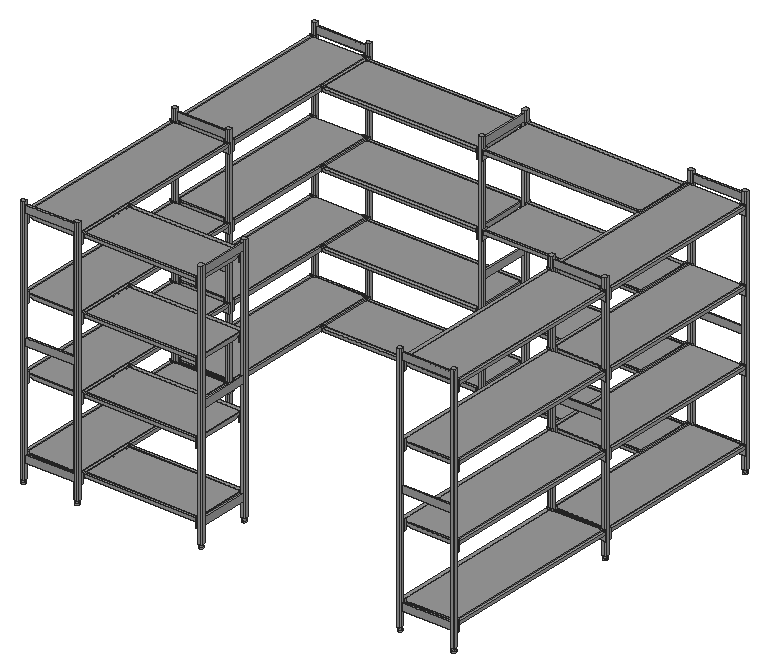
Revit family "QF_ELECTROLUXPROFESSIONAL_137107_CRS2824", category Attrezzature speciali, Revit 2020
Family settings
  Quota connettore circolare = Usa diametro
  Tipo di parte = Normale
  Basato su piano di lavoro = No
  Sempre verticale = Sì
  Taglio con vuoti quando caricato = No
  Condiviso = No
  Punto di calcolo locali = No
Parameters (values of type "Standard")
  Weight = 119.00 kg
  Watts = 0 W
  Volts = 0 V
  URL Manufacturer = "https://www.electroluxprofessional.com/"
  URL = "https://www.electroluxprofessional.com/"
  Steam Supply Size = 0 mm
  Steam Supply Minimum Pressure = 0.0 Pa
  Steam Supply Maximum Pressure = 0.0 Pa
  Steam Consumption per Hour = 0
  Refrigeration Suction Line Size = 0 mm
  Refrigeration Liquid Line Size = 0 mm
  Refrigerant Compressor Remote = yes
  Prospetto di default = 0 mm
  Produttore = "Electrolux Professional"
  Phase = 0
  Modello = "CRS2824"
  Length Actual = 708 mm  # constant formula
  Item Number = "137107"
  Hot Water Size = 0 mm
  Height Actual = 1550 mm  # constant formula
  HP = "0 HP"
  Gas Size = 0 mm
  Gas KW = 0
  Gas Input Pressure = 0 W
  Direct Waste Size = 0 mm
  Descrizione = "ALUM.SHELV.,POLY.TIERS-COLDROOM 283X243"
  Depth Actual = 373 mm  # constant formula
  Cycle = 0 Hz
  Condensate Return Size = 0 mm
  Compressed Air Volume = 0.0 L/s
  Compressed Air Size = 0 mm
  Compressed Air Pressure = 0.0 Pa
  Cold Water Size = 0 mm
  Accessory = yes
Reference planes
  plane 1 "Center (Front/Back)": y = 0
  plane 2: z = 0
  plane 3 "Center (Left/Right)": x = 0
  plane 4: x = -1415
  plane 5: y = 1215
  plane 6: y = -1215
  plane 7: x = 1415
  plane 8: x = -1369
  plane 9: x = 1369
  plane 10: y = 1157
  plane 11: y = -1157
Forms (mm)
  Extrusion 1, solid, material "QF_Clearances", detail levels coarse
    sketch origin (0, 0, 0) x (1, 0, 0) y (0, 1, 0)
      loop
        line (-1415, -1215) -> (295, -1215) -> (295, -1157) -> (-1369, -1157) -> (-1369, 1157) -> (1369, 1157) -> (1369, -1157) -> (969, -1157) -> (969, -1215) -> (1415, -1215) -> (1415, 1215) -> (-1415, 1215) -> (-1415, -1215)
    from 0 to 1590
Lines and regions (mm)
  symbolic lines, style "QF_Clearances"
    curve 1: line (-1415, 1215, 0) -> (-1415, -1215, 0)
    curve 2: line (1415, 1215, 0) -> (-1415, 1215, 0)
    curve 3: line (1415, -1215, 0) -> (1415, 1215, 0)
  symbolic lines
    curve 4: line (-1413.483, -55, 0) -> (-1415, -55, 0)
Dimensions and locks
  equal spacing: plane 5, plane 1 "Center (Front/Back)", plane 6
  plane 5 to plane 6 = 2430 mm
  equal spacing: plane 4, plane 3 "Center (Left/Right)", plane 7
  plane 4 to plane 7 = 2830 mm
  plane 4 to plane 8 = 46 mm
  plane 8 to plane 9 = 2738 mm
  plane 11 to plane 6 = 58 mm
  plane 10 to plane 11 = 2314 mm
  Extrusion 1 to nested 2 = 58 mm
  plane 4 to Extrusion 1 = 1710 mm
  nested 5 to nested 3 = 1117 mm
  nested 3 to Extrusion 1 = 547 mm
  aligned and locked: level to plane 2
  aligned and locked: Extrusion 1 sketch curve to plane 4
  aligned and locked: Extrusion 1 sketch curve to plane 5
  aligned and locked: Extrusion 1 sketch curve to plane 7
  aligned and locked: Extrusion 1 sketch curve to plane 8
  aligned and locked: Extrusion 1 sketch curve to plane 10
  aligned and locked: plane 9 to Extrusion 1 sketch curve
  aligned and locked: Extrusion 1 sketch curve to plane 11
  aligned and locked: Extrusion 1 sketch curve to plane 6
Automatic sketch dimensions
  curve 1 to plane 4 = 0 mm
  plane 5 to curve 3 = 0 mm
  curve 3 to plane 7 = 0 mm
  curve 1 to plane 6 = 0 mm
  plane 6 to curve 3 = 0 mm
  curve 4 to curve 4 = 1.517 mm
  plane 1 "Center (Front/Back)" to curve 4 = 55 mm
  plane 3 "Center (Left/Right)" to Extrusion 1 sketch curve = 295 mm
  Extrusion 1 sketch curve to plane 9 = 400 mm
  plane 6 to Extrusion 1 sketch curve = 0 mm
  plane 11 to Extrusion 1 sketch curve = 0 mm
Nested families
  nested 1: "QF_974G" at (535.5, 905.5, 0) x (0, -1, 0) z (0, 0, 1), type "QF_974G"
  nested 2: "QF_974G" at (-535.5, 905.5, 0) x (0, -1, 0) z (0, 0, 1), type "QF_974G"
  nested 3: "QF_708G" at (-801.5, -905.5, 0) x (0, 1, 0) z (0, 0, 1), type "QF_708G"
  nested 4: "QF_1062" at (-1346, 625, 0) x (0, 1, 0) z (0, 0, 1), type "QF_1062"
  nested 5: "QF_1152" at (-1346, -518, 0) x (0, 1, 0) z (0, 0, 1), type "QF_1152"
  nested 6: "QF_1062" at (1346, 625, 0) x (0, 1, 0) z (0, 0, 1), type "QF_1062"
  nested 7: "QF_1152" at (1346, -518, 0) x (0, 1, 0) z (0, 0, 1), type "QF_1152"
Definition of nested family "QF_974G"
  Parameters
    Default Elevation = 0 mm
    Model = "137033"
    Manufacturer = "Electrolux Professional"
    Description = ""
  Reference planes
    plane 1: z = 0
    plane 2 "Center (F/B)": y = -163.5
    plane 3 "Front": y = -549.5
    plane 4 "Left": x = -217.5
    plane 5 "Right": x = 155.5
    plane 6 "TOP": z = 1700
    plane 7: y = -513
    plane 8: y = 461
    plane 9 "Center (Left/Right)": x = -31
    plane 10: y = 456
    plane 11: x = -186
    plane 12: x = 124
    plane 13 "FEET": z = 25
    plane 14: z = 140
    plane 15: z = 590
    plane 16: z = 1040
    plane 17: z = 1490
    plane 18 "CXLeft": y = -535.5
    plane 19: x = -200
    plane 20 "CYBack": x = -200
    plane 21 "CYFront": x = 138
    plane 22 "Back": y = 469.5
    plane 23 "LEFT_ORIGIN": x = -251.5
    plane 24 "BACK_Origin": y = 842.5
  Forms (mm)
    Extrusion 1, solid
      sketch origin (0, -549.5, 0) x (-1, 0, 0) y (0, 0, 1)
        loop
          line (198.5, 1515.994) -> (198.5, 1497.998) -> (217.5, 1497.998) -> (217.5, 1515.994) -> (198.5, 1515.994)
        loop
          line (-136.5, 1515.994) -> (-155.5, 1515.994) -> (-155.5, 1497.998) -> (-136.5, 1497.998) -> (-136.5, 1515.994)
        loop
          line (198.5, 1065.994) -> (198.5, 1047.998) -> (217.5, 1047.998) -> (217.5, 1065.994) -> (198.5, 1065.994)
        loop
          line (-136.5, 1065.994) -> (-155.5, 1065.994) -> (-155.5, 1047.998) -> (-136.5, 1047.998) -> (-136.5, 1065.994)
        loop
          line (198.5, 615.994) -> (198.5, 597.998) -> (217.5, 597.998) -> (217.5, 615.994) -> (198.5, 615.994)
        loop
          line (-136.5, 615.994) -> (-155.5, 615.994) -> (-155.5, 597.998) -> (-136.5, 597.998) -> (-136.5, 615.994)
        loop
          line (198.5, 165.994) -> (198.5, 147.998) -> (217.5, 147.998) -> (217.5, 165.994) -> (198.5, 165.994)
        loop
          line (-136.5, 165.994) -> (-155.5, 165.994) -> (-155.5, 147.998) -> (-136.5, 147.998) -> (-136.5, 165.994)
      from 36.5 to 1010.5
    Extrusion 2, solid
      sketch origin (0, -549.5, 0) x (-1, 0, 0) y (0, 0, 1)
        loop
          line (196.507, 1515.994) -> (-134.5, 1515.994) -> (-134.5, 1509.496) -> (196.507, 1509.496) -> (196.507, 1515.994)
        loop
          line (196.507, 1065.994) -> (-134.5, 1065.994) -> (-134.5, 1059.496) -> (196.507, 1059.496) -> (196.507, 1065.994)
        loop
          line (196.507, 615.994) -> (-134.5, 615.994) -> (-134.5, 609.496) -> (196.507, 609.496) -> (196.507, 615.994)
        loop
          line (196.507, 165.994) -> (-134.5, 165.994) -> (-134.5, 159.496) -> (196.507, 159.496) -> (196.507, 165.994)
      from 36.5 to 1010.5
  Lines and regions (mm)
    symbolic lines
      curve 1: line (-198.5, 461, 1700) -> (-198.5, -513, 1700)
      curve 2: line (-217.5, -517, 1700) -> (-217.5, 461, 1700)
      curve 3: line (155.5, -517, 1700) -> (155.5, 461, 1700)
      curve 4: line (-181.507, -513, 1700) -> (119.507, -513, 1700)
      curve 5: line (136.5, -513, 1700) -> (136.5, 461, 1700)
      curve 6: line (-198.5, 461, 1700) -> (136.5, 461, 1700)
  Dimensions and locks
    plane 3 "Front" to plane 2 "Center (F/B)" = 386 mm
    locked: plane 4 "Left" to plane 5 "Right" at 373
    locked: plane 7 to plane 8 at 974
    locked: plane 3 "Front" to plane 7 at 36.5
    plane 10 to plane 8 = 5 mm
    locked: plane 11 to plane 12 at 310
    equal spacing: plane 11, plane 9 "Center (Left/Right)", plane 12
    equal spacing: plane 4 "Left", plane 9 "Center (Left/Right)", plane 5 "Right"
    locked: plane 3 "Front" to plane 18 "CXLeft" at 14
    locked: plane 3 "Front" to plane 22 "Back" at 1019
    plane 23 "LEFT_ORIGIN" to plane 5 "Right" = 407 mm
    locked: plane 22 "Back" to plane 24 "BACK_Origin" at 373
    plane 14 to level = 140 mm
    plane 15 to level = 590 mm
    plane 16 to level = 1040 mm
    locked: plane 6 "TOP" to level at 1700
    plane 17 to level = 1490 mm
    plane 13 "FEET" to level = 25 mm
    aligned and locked: level to plane 1
    aligned and locked: Extrusion 2 to plane 7
    aligned and locked: plane 8 to Extrusion 2
    aligned and locked: Extrusion 1 to plane 7
    aligned and locked: plane 8 to Extrusion 1
    aligned and locked: Extrusion 1 sketch curve to Extrusion 1 sketch curve  (x2)
    aligned and locked: nested 1 to plane 18 "CXLeft"
    aligned and locked: nested 2 to plane 10
  Automatic sketch dimensions
    curve 2 to plane 4 "Left" = 0 mm
    curve 3 to plane 5 "Right" = 0 mm
    plane 7 to curve 1 = 0 mm
    plane 7 to curve 4 = 0 mm
    plane 7 to curve 5 = 0 mm
    plane 8 to curve 2 = 0 mm
    plane 8 to curve 1 = 0 mm
    plane 8 to curve 3 = 0 mm
    plane 21 "CYFront" to curve 5 = 1.5 mm
    plane 19 to curve 6 = 1.5 mm
    plane 7 to curve 3 = 4 mm
    plane 7 to curve 2 = 4 mm
    plane 12 to curve 4 = 4.493 mm
    curve 4 to plane 11 = 4.493 mm
    plane 5 "Right" to Extrusion 1 sketch curve = 0 mm  (x4)
    plane 4 "Left" to Extrusion 1 sketch curve = 0 mm  (x4)
    plane 21 "CYFront" to Extrusion 1 sketch curve = 1.5 mm  (x2)
    plane 19 to Extrusion 1 sketch curve = 1.5 mm  (x4)
    plane 14 to Extrusion 1 sketch curve = 7.998 mm  (x2)
    Extrusion 1 sketch curve to Extrusion 1 sketch curve = 17.997 mm  (x8)
    plane 15 to Extrusion 1 sketch curve = 7.998 mm  (x2)
    plane 16 to Extrusion 1 sketch curve = 7.998 mm  (x2)
    plane 17 to Extrusion 1 sketch curve = 7.998 mm  (x2)
    plane 21 "CYFront" to Extrusion 2 sketch curve = 3.5 mm  (x4)
    plane 19 to Extrusion 2 sketch curve = 3.493 mm  (x4)
    plane 14 to Extrusion 2 sketch curve = 19.496 mm
    Extrusion 2 sketch curve to Extrusion 2 sketch curve = 6.499 mm  (x4)
    plane 15 to Extrusion 2 sketch curve = 19.496 mm
    plane 16 to Extrusion 2 sketch curve = 19.496 mm
    plane 17 to Extrusion 2 sketch curve = 19.496 mm
  Nested families
    nested 1: "WT_Anta373B" at (-194.5, -132.5, 0) x (0, 1, 0) z (0, 0, 1), type "WT_Anta373B"
    nested 2: "WT_Aggancio373B" at (-194.5, 873, 0) x (0, 1, 0) z (0, 0, 1), type "WT_Aggancio373B"
  Definition of nested family "WT_Anta373B"
    Parameters
      WidthLeft = A + 64 mm  # 772 mm
      Width = 1606 mm
      Right = WidthLeft / 2  # 386 mm
      Default Elevation = 0 mm
      Left = -WidthLeft / 2  # -386 mm
      Height = 1590 mm
      FEET = 25 mm
      E = 0 mm
      Dint = Depth - 63 mm  # 310 mm
      Dext = Depth - 8 mm  # 365 mm
      Depth = 373 mm
      DX = (WidthLeft - A) / 2  # 32 mm
      B = 798 mm
      A = 708 mm
    Reference planes
      plane 1: z = 0
      plane 2 "LEFT": x = -417
      plane 3 "BACK": y = 23
      plane 4 "FRONT": y = -350
      plane 5 "TOP": z = 1590
      plane 6 "Center (Front/Back)": y = -163.5
      plane 7: y = -8.5
      plane 8: y = -318.5
      plane 9 "FEET": z = 25
      plane 10: z = 140
      plane 11: z = 590
      plane 12: z = 1040
      plane 13: z = 1490
      plane 14 "CXLeft": x = -403
      plane 15: y = 5.5
      plane 16 "CYBack": y = 5.5
      plane 17 "CYFront": y = -332.5
      plane 18: x = -385.031
      plane 19: x = -380.031
    Forms (mm)
      Extrusion 1, solid
        sketch origin (0, 0, 0) x (1, 0, 0) y (0, 1, 0)
          loop
            line (-417, 13.246) -> (-417, -2.246) -> (-410.746, -8.5) -> (-395.254, -8.5) -> (-389, -2.246) -> (-389, 13.246) -> (-395.254, 19.5) -> (-410.746, 19.5) -> (-417, 13.246)
        from 1590 to 25
      Extrusion 2, solid
        sketch origin (-417, 0, 0) x (0, 1, 0) y (0, 0, 1)
          loop
            line (23, 111.005) -> (23, 172.993) -> (-12.993, 172.993) -> (-12.993, 111.005) -> (23, 111.005)
          loop
            line (-350, 111.005) -> (-314.007, 111.005) -> (-314.007, 172.993) -> (-350, 172.993) -> (-350, 111.005)
          loop
            line (23, 561.005) -> (23, 622.993) -> (-12.993, 622.993) -> (-12.993, 561.005) -> (23, 561.005)
          loop
            line (-350, 561.005) -> (-314.007, 561.005) -> (-314.007, 622.993) -> (-350, 622.993) -> (-350, 561.005)
          loop
            line (23, 1011.005) -> (23, 1072.993) -> (-12.993, 1072.993) -> (-12.993, 1011.005) -> (23, 1011.005)
          loop
            line (-350, 1011.005) -> (-314.007, 1011.005) -> (-314.007, 1072.993) -> (-350, 1072.993) -> (-350, 1011.005)
          loop
            line (23, 1461.005) -> (23, 1522.993) -> (-12.993, 1522.993) -> (-12.993, 1461.005) -> (23, 1461.005)
          loop
            line (-350, 1461.005) -> (-314.007, 1461.005) -> (-314.007, 1522.993) -> (-350, 1522.993) -> (-350, 1461.005)
        from 28 to 32
      Revolve 3, solid
        sketch origin (-403, 0, 0) x (0, 1, 0) y (0, 0, 1)
          loop
            line (5.5, 25) -> (5.5, 0) -> (19, 0) -> (19, 5) -> (14, 5) -> (14, 25) -> (5.5, 25)
          axis (5.5, 25) -> (5.5, 0)
        angle from 0 to 360
      Extrusion 4, solid
        sketch origin (-403, 0, 0) x (0, 1, 0) y (0, 0, 1)
          loop
            line (-8.5, 777.382) -> (-8.5, 822.374) -> (-318.5, 822.374) -> (-318.5, 777.382) -> (-8.5, 777.382)
          loop
            line (-8.5, 1527.244) -> (-8.5, 1572.236) -> (-318.5, 1572.236) -> (-318.5, 1527.244) -> (-8.5, 1527.244)
        from -5 to 5
      Revolve 5, solid
        sketch origin (-403, -627, 0) x (0, -1, 0) y (0, 0, 1)
          loop
            line (-294.5, 25) -> (-294.5, 0) -> (-281, 0) -> (-281, 5) -> (-286, 5) -> (-286, 25) -> (-294.5, 25)
          axis (-294.5, 25) -> (-294.5, 0)
        angle from 0 to 360
      Extrusion 6, solid
        sketch origin (0, -627, 0) x (1, 0, 0) y (0, 1, 0)
          loop
            line (-417, 286.754) -> (-410.746, 280.5) -> (-395.254, 280.5) -> (-389, 286.754) -> (-389, 302.246) -> (-395.254, 308.5) -> (-410.746, 308.5) -> (-417, 302.246) -> (-417, 286.754)
        from 1590 to 25
      Extrusion 7, solid
        sketch origin (-417.031, -0.022, 0) x (0, 1, 0) y (0, 0, -1)
          loop
            line (-12, -1497.998) -> (-46, -1485.994) -> (-281, -1485.994) -> (-315, -1497.998) -> (-331, -1497.998) -> (-331, -1515.994) -> (-329, -1515.994) -> (-329, -1509.496) -> (2.007, -1509.496) -> (2.007, -1515.994) -> (4, -1515.994) -> (4, -1497.998) -> (-12, -1497.998)
          loop
            line (-12, -1047.998) -> (-46, -1035.994) -> (-281, -1035.994) -> (-315, -1047.998) -> (-331, -1047.998) -> (-331, -1065.994) -> (-329, -1065.994) -> (-329, -1059.496) -> (2.007, -1059.496) -> (2.007, -1065.994) -> (4, -1065.994) -> (4, -1047.998) -> (-12, -1047.998)
          loop
            line (-12, -597.998) -> (-46, -585.994) -> (-281, -585.994) -> (-315, -597.998) -> (-331, -597.998) -> (-331, -615.994) -> (-329, -615.994) -> (-329, -609.496) -> (2.007, -609.496) -> (2.007, -615.994) -> (4, -615.994) -> (4, -597.998) -> (-12, -597.998)
          loop
            line (-12, -147.998) -> (-46, -135.994) -> (-281, -135.994) -> (-315, -147.998) -> (-331, -147.998) -> (-331, -165.994) -> (-329, -165.994) -> (-329, -159.496) -> (2.007, -159.496) -> (2.007, -165.994) -> (4, -165.994) -> (4, -147.998) -> (-12, -147.998)
        from -32 to -37
      Extrusion 8, solid
        sketch origin (-403, 0, -659.878) x (0, 1, 0) y (0, 0, 1)
          loop
            line (-8.5, 777.382) -> (-8.5, 822.374) -> (-318.5, 822.374) -> (-318.5, 777.382) -> (-8.5, 777.382)
          loop
            line (-8.5, 1437.382) -> (-8.5, 1482.374) -> (-318.5, 1482.374) -> (-318.5, 1437.382) -> (-8.5, 1437.382)
          loop
            line (-8.5, 2187.382) -> (-8.5, 2232.374) -> (-318.5, 2232.374) -> (-318.5, 2187.382) -> (-8.5, 2187.382)
        from -5 to 5
    Lines and regions (mm)
      symbolic lines
        curve 1: line (-408, -8.5, 1590) -> (-408, -318.5, 1590)
        curve 2: line (-398, -318.5, 1590) -> (-398, -8.5, 1590)
        curve 3: line (-395.254, -8.5, 1590) -> (-410.746, -8.5, 1590)
        curve 4: line (-417, -2.246, 1590) -> (-410.746, -8.5, 1590)
        curve 5: line (-417, 13.246, 1590) -> (-417, -2.246, 1590)
        curve 6: line (-410.746, 19.5, 1590) -> (-417, 13.246, 1590)
        curve 7: line (-395.254, 19.5, 1590) -> (-410.746, 19.5, 1590)
        curve 8: line (-389, 13.246, 1590) -> (-395.254, 19.5, 1590)
        curve 9: line (-395.254, -8.5, 1590) -> (-389, -2.246, 1590)
        curve 10: line (-395.254, -318.5, 1590) -> (-410.746, -318.5, 1590)
        curve 11: line (-417, -324.754, 1590) -> (-410.746, -318.5, 1590)
        curve 12: line (-410.746, -346.5, 1590) -> (-417, -340.246, 1590)
        curve 13: line (-395.254, -346.5, 1590) -> (-410.746, -346.5, 1590)
        curve 14: line (-389, -340.246, 1590) -> (-395.254, -346.5, 1590)
        curve 15: line (-395.254, -318.5, 1590) -> (-389, -324.754, 1590)
        curve 16: line (-389, -350, 1590) -> (-389, -314.007, 1590)
        curve 17: line (-389, -314.007, 1590) -> (-385, -314.007, 1590)
        curve 18: line (-389, 23, 1590) -> (-389, -12.993, 1590)
        curve 19: line (-389, -12.993, 1590) -> (-385, -12.993, 1590)
        curve 20: line (-417, -324.754, 1590) -> (-417, -340.246, 1590)
        curve 21: line (-385, -350, 1590) -> (-385, -314.007, 1590)
        curve 22: line (-385, -350, 1590) -> (-389, -350, 1590)
        curve 23: line (-385, 23, 1590) -> (-389, 23, 1590)
        curve 24: line (-385, -12.993, 1590) -> (-385, 23, 1590)
        curve 25: line (-385.031, -13.016, 1725) -> (-385.031, -314.029, 1725)
    Dimensions and locks
      "Depth": plane 3 "BACK" to plane 4 "FRONT"
      "Dint": plane 7 to plane 8
      equal spacing: plane 7, plane 6 "Center (Front/Back)", plane 8
      equal spacing: plane 3 "BACK", plane 6 "Center (Front/Back)", plane 4 "FRONT"
      plane 9 "FEET" to level = 25 mm
      plane 10 to plane 9 "FEET" = 115 mm
      plane 11 to plane 10 = 450 mm
      plane 12 to plane 11 = 450 mm
      plane 13 to plane 12 = 450 mm
      locked: plane 2 "LEFT" to plane 14 "CXLeft" at 14
      locked: plane 3 "BACK" to plane 16 "CYBack" at 17.5
      locked: plane 17 "CYFront" to plane 4 "FRONT" at 17.5
      locked: Revolve 3 sketch curve to Revolve 3 sketch curve at 8.5
      locked: Revolve 3 sketch curve to plane 16 "CYBack" at 13.5
      locked: Revolve 5 sketch curve to Revolve 5 sketch curve at 8.5
      plane 10 to level = 140 mm
      plane 11 to level = 590 mm
      plane 12 to level = 1040 mm
      plane 13 to level = 1490 mm
      "Height": plane 5 "TOP" to level
      aligned and locked: level to plane 1
      aligned and locked: curve 20 to Extrusion 6
      aligned and locked: plane 5 "TOP" to Extrusion 1
      aligned and locked: plane 5 "TOP" to Extrusion 6
      aligned and locked: Extrusion 7 sketch curve to Extrusion 7 sketch curve  (x3)
    Automatic sketch dimensions
      curve 16 to plane 4 "FRONT" = 0 mm
      curve 11 to plane 8 = 0 mm
      curve 9 to plane 7 = 0 mm
      curve 5 to plane 2 "LEFT" = 0 mm
      curve 23 to plane 3 "BACK" = 0 mm
      plane 4 "FRONT" to curve 13 = 3.5 mm
      curve 20 to plane 17 "CYFront" = 7.746 mm
      curve 20 to plane 8 = 6.254 mm
      plane 8 to curve 16 = 4.493 mm
      curve 24 to plane 18 = 0.031 mm
      curve 24 to plane 7 = 4.493 mm
      plane 7 to curve 5 = 6.254 mm
      curve 5 to plane 15 = 7.746 mm
      curve 6 to plane 3 "BACK" = 3.5 mm
      curve 21 to plane 18 = 0.031 mm
      plane 18 to curve 23 = 3.969 mm
      plane 18 to curve 16 = 3.969 mm
      curve 18 to curve 8 = 6.254 mm
      curve 18 to curve 3 = 6.254 mm
      curve 16 to curve 13 = 6.254 mm
      curve 16 to curve 15 = 6.254 mm
      plane 2 "LEFT" to curve 10 = 6.254 mm
      plane 2 "LEFT" to curve 7 = 6.254 mm
      plane 2 "LEFT" to curve 12 = 6.254 mm
      plane 2 "LEFT" to curve 3 = 6.254 mm
      curve 14 to plane 17 "CYFront" = 7.746 mm
      curve 15 to plane 8 = 6.254 mm
      plane 7 to curve 9 = 6.254 mm
      curve 8 to plane 15 = 7.746 mm
      curve 3 to curve 2 = 2.746 mm
      curve 1 to curve 10 = 2.746 mm
      Extrusion 1 sketch curve to plane 2 "LEFT" = 0 mm
      Extrusion 1 sketch curve to plane 7 = 0 mm
      plane 2 "LEFT" to Extrusion 1 sketch curve = 6.254 mm  (x2)
      plane 14 "CXLeft" to Extrusion 1 sketch curve = 7.746 mm  (x2)
      Extrusion 1 sketch curve to plane 3 "BACK" = 3.5 mm
      plane 18 to Extrusion 1 sketch curve = 3.969 mm
      plane 7 to Extrusion 1 sketch curve = 6.254 mm  (x2)
      Extrusion 1 sketch curve to plane 15 = 7.746 mm  (x2)
      Extrusion 2 sketch curve to plane 4 "FRONT" = 0 mm  (x4)
      Extrusion 2 sketch curve to plane 3 "BACK" = 0 mm  (x4)
      plane 8 to Extrusion 2 sketch curve = 4.493 mm  (x4)
      Extrusion 2 sketch curve to plane 7 = 4.493 mm  (x4)
      Extrusion 2 sketch curve to plane 10 = 28.995 mm  (x2)
      plane 10 to Extrusion 2 sketch curve = 32.993 mm  (x2)
      Extrusion 2 sketch curve to plane 11 = 28.995 mm  (x2)
      plane 11 to Extrusion 2 sketch curve = 32.993 mm  (x2)
      Extrusion 2 sketch curve to plane 12 = 28.995 mm  (x2)
      plane 12 to Extrusion 2 sketch curve = 32.993 mm  (x2)
      Extrusion 2 sketch curve to plane 13 = 28.995 mm  (x2)
      plane 13 to Extrusion 2 sketch curve = 32.993 mm  (x2)
      Revolve 3 sketch curve to plane 9 "FEET" = 0 mm  (x2)
      Revolve 3 sketch curve to plane 15 = 0 mm  (x2)
      Revolve 3 sketch curve to level = 0 mm
      level to Revolve 3 sketch curve = 5 mm
      Revolve 3 sketch curve to Revolve 3 sketch curve = 11.655 mm
      Extrusion 4 sketch curve to plane 8 = 0 mm  (x2)
      Extrusion 4 sketch curve to plane 7 = 0 mm  (x2)
      plane 11 to Extrusion 4 sketch curve = 187.382 mm
      Extrusion 4 sketch curve to Extrusion 4 sketch curve = 44.992 mm
      plane 13 to Extrusion 4 sketch curve = 37.244 mm
      Extrusion 4 sketch curve to plane 5 "TOP" = 17.764 mm
      Revolve 5 sketch curve to plane 9 "FEET" = 0 mm  (x2)
      Revolve 5 sketch curve to plane 17 "CYFront" = 0 mm  (x2)
      Revolve 5 sketch curve to level = 0 mm
      Revolve 5 sketch curve to plane 4 "FRONT" = 4 mm
      Revolve 5 sketch curve to Revolve 5 sketch curve = 5 mm
      level to Revolve 5 sketch curve = 11.655 mm
      Extrusion 6 sketch curve to plane 2 "LEFT" = 0 mm
      Extrusion 6 sketch curve to plane 8 = 0 mm
      Extrusion 6 sketch curve to plane 2 "LEFT" = 6.254 mm  (x2)
      Extrusion 6 sketch curve to plane 14 "CXLeft" = 7.746 mm  (x2)
      Extrusion 6 sketch curve to plane 4 "FRONT" = 3.5 mm
      Extrusion 6 sketch curve to plane 18 = 3.969 mm
      plane 8 to Extrusion 6 sketch curve = 6.254 mm  (x2)
      plane 17 "CYFront" to Extrusion 6 sketch curve = 7.746 mm  (x2)
      plane 17 "CYFront" to Extrusion 7 sketch curve = 1.478 mm  (x4)
      Extrusion 7 sketch curve to Extrusion 7 sketch curve = 2 mm
      plane 8 to Extrusion 7 sketch curve = 3.478 mm  (x4)
      Extrusion 7 sketch curve to plane 10 = 4.006 mm
      Extrusion 7 sketch curve to Extrusion 7 sketch curve = 34 mm  (x4)
      Extrusion 7 sketch curve to plane 11 = 4.006 mm
      Extrusion 7 sketch curve to plane 12 = 4.006 mm
      Extrusion 7 sketch curve to plane 13 = 4.006 mm
      Extrusion 7 sketch curve to plane 7 = 37.522 mm  (x4)
      Extrusion 7 sketch curve to plane 7 = 3.522 mm  (x4)
      plane 15 to Extrusion 7 sketch curve = 3.516 mm  (x4)
      plane 15 to Extrusion 7 sketch curve = 1.522 mm  (x4)
      plane 13 to Extrusion 7 sketch curve = 7.998 mm  (x2)
      Extrusion 7 sketch curve to Extrusion 7 sketch curve = 11.498 mm
      Extrusion 7 sketch curve to Extrusion 7 sketch curve = 6.499 mm  (x5)
      plane 12 to Extrusion 7 sketch curve = 25.994 mm  (x2)
      plane 12 to Extrusion 7 sketch curve = 7.998 mm  (x2)
      plane 11 to Extrusion 7 sketch curve = 25.994 mm  (x2)
      plane 11 to Extrusion 7 sketch curve = 7.998 mm  (x2)
      plane 10 to Extrusion 7 sketch curve = 25.994 mm  (x2)
      plane 10 to Extrusion 7 sketch curve = 7.998 mm  (x2)
      curve 25 to plane 18 = 0 mm
      plane 8 to curve 25 = 4.471 mm
      curve 25 to plane 7 = 4.516 mm
      Extrusion 8 sketch curve to plane 8 = 0 mm  (x3)
      Extrusion 8 sketch curve to plane 7 = 0 mm  (x3)
      Extrusion 8 sketch curve to plane 10 = 22.496 mm
      plane 10 to Extrusion 8 sketch curve = 22.496 mm
      plane 11 to Extrusion 8 sketch curve = 187.504 mm
      Extrusion 8 sketch curve to Extrusion 8 sketch curve = 44.992 mm
      plane 13 to Extrusion 8 sketch curve = 37.504 mm
      Extrusion 8 sketch curve to plane 5 "TOP" = 17.504 mm
  Definition of nested family "WT_Aggancio373B"
    Parameters
      WidthLeft = A + 64 mm  # 772 mm
      Width = 1606 mm
      Right = WidthLeft / 2  # 386 mm
      Default Elevation = 0 mm
      Left = -WidthLeft / 2  # -386 mm
      Height = 1590 mm
      FEET = 25 mm
      E = 0 mm
      Dint = Depth - 63 mm  # 310 mm
      Dext = Depth - 8 mm  # 365 mm
      Depth = 373 mm
      DX = (WidthLeft - A) / 2  # 32 mm
      B = 798 mm
      A = 708 mm
    Reference planes
      plane 1: z = 0
      plane 2 "LEFT": x = -417
      plane 3 "BACK": y = 23
      plane 4 "FRONT": y = -350
      plane 5 "TOP": z = 1590
      plane 6 "Center (Front/Back)": y = -163.5
      plane 7: y = -8.5
      plane 8: y = -318.5
      plane 9 "FEET": z = 25
      plane 10: z = 140
      plane 11: z = 590
      plane 12: z = 1040
      plane 13: z = 1490
      plane 14: y = 5.5
      plane 15 "CYBack": y = 5.5
      plane 16 "CYFront": y = -332.5
    Forms (mm)
      Extrusion 1, solid
        sketch origin (-380, -0.022, 0) x (0, 1, 0) y (0, 0, 1)
          loop
            line (-12, 1497.998) -> (4, 1497.998) -> (4, 1515.994) -> (2.007, 1515.994) -> (2.007, 1509.496) -> (-329, 1509.496) -> (-329, 1515.994) -> (-331, 1515.994) -> (-331, 1497.998) -> (-315, 1497.998) -> (-281, 1485.994) -> (-46, 1485.994) -> (-12, 1497.998)
          loop
            line (-12, 1047.998) -> (4, 1047.998) -> (4, 1065.994) -> (2.007, 1065.994) -> (2.007, 1059.496) -> (-329, 1059.496) -> (-329, 1065.994) -> (-331, 1065.994) -> (-331, 1047.998) -> (-315, 1047.998) -> (-281, 1035.994) -> (-46, 1035.994) -> (-12, 1047.998)
          loop
            line (-12, 597.998) -> (4, 597.998) -> (4, 615.994) -> (2.007, 615.994) -> (2.007, 609.496) -> (-329, 609.496) -> (-329, 615.994) -> (-331, 615.994) -> (-331, 597.998) -> (-315, 597.998) -> (-281, 585.994) -> (-46, 585.994) -> (-12, 597.998)
          loop
            line (-12, 147.998) -> (4, 147.998) -> (4, 165.994) -> (2.007, 165.994) -> (2.007, 159.496) -> (-329, 159.496) -> (-329, 165.994) -> (-331, 165.994) -> (-331, 147.998) -> (-315, 147.998) -> (-281, 135.994) -> (-46, 135.994) -> (-12, 147.998)
        from -32 to -37
      Extrusion 2, solid
        sketch origin (-793.062, -324.754, 6.5) x (1, 0, 0) y (0, 0, 1)
          loop
            line (385.062, 1509.496) -> (385.062, 1512.496) -> (376.062, 1512.496) -> (376.062, 1485.994) -> (390.031, 1485.994) -> (390.031, 1491.496) -> (381.062, 1491.496) -> (381.062, 1509.496) -> (385.062, 1509.496)
          loop
            line (385.062, 1059.496) -> (385.062, 1062.496) -> (376.062, 1062.496) -> (376.062, 1035.994) -> (390.031, 1035.994) -> (390.031, 1041.496) -> (381.062, 1041.496) -> (381.062, 1059.496) -> (385.062, 1059.496)
          loop
            line (385.062, 609.496) -> (385.062, 612.496) -> (376.062, 612.496) -> (376.062, 585.994) -> (390.031, 585.994) -> (390.031, 591.496) -> (381.062, 591.496) -> (381.062, 609.496) -> (385.062, 609.496)
          loop
            line (385.062, 159.496) -> (385.062, 162.496) -> (376.062, 162.496) -> (376.062, 135.994) -> (390.031, 135.994) -> (390.031, 141.496) -> (381.062, 141.496) -> (381.062, 159.496) -> (385.062, 159.496)
        from 6.268 to 25.246
      Extrusion 3, solid
        sketch origin (-793.062, 32.754, 6.5) x (1, 0, 0) y (0, 0, 1)
          loop
            line (385.062, 1509.496) -> (385.062, 1512.496) -> (376.062, 1512.496) -> (376.062, 1485.994) -> (390.031, 1485.994) -> (390.031, 1491.496) -> (381.062, 1491.496) -> (381.062, 1509.496) -> (385.062, 1509.496)
          loop
            line (385.062, 1059.496) -> (385.062, 1062.496) -> (376.062, 1062.496) -> (376.062, 1035.994) -> (390.031, 1035.994) -> (390.031, 1041.496) -> (381.062, 1041.496) -> (381.062, 1059.496) -> (385.062, 1059.496)
          loop
            line (385.062, 609.496) -> (385.062, 612.496) -> (376.062, 612.496) -> (376.062, 585.994) -> (390.031, 585.994) -> (390.031, 591.496) -> (381.062, 591.496) -> (381.062, 609.496) -> (385.062, 609.496)
          loop
            line (385.062, 159.496) -> (385.062, 162.496) -> (376.062, 162.496) -> (376.062, 135.994) -> (390.031, 135.994) -> (390.031, 141.496) -> (381.062, 141.496) -> (381.062, 159.496) -> (385.062, 159.496)
        from 9.754 to 28.776
    Lines and regions (mm)
      symbolic lines
        curve 1: line (-412, -350, 0) -> (-408, -350, 0)
        curve 2: line (-412, -331.022, 0) -> (-412, -350, 0)
        curve 3: line (-408, -331.022, 0) -> (-412, -331.022, 0)
        curve 4: line (-408, -350, 0) -> (-408, -331.022, 0)
        curve 5: line (-412, 3.978, 0) -> (-408, 3.978, 0)
        curve 6: line (-412, 23, 0) -> (-412, 3.978, 0)
        curve 7: line (-408, 23, 0) -> (-412, 23, 0)
        curve 8: line (-408, 3.978, 0) -> (-408, 23, 0)
    Dimensions and locks
      "Height": plane 5 "TOP" to level
      "Depth": plane 3 "BACK" to plane 4 "FRONT"
      "Dint": plane 7 to plane 8
      equal spacing: plane 7, plane 6 "Center (Front/Back)", plane 8
      equal spacing: plane 3 "BACK", plane 6 "Center (Front/Back)", plane 4 "FRONT"
      plane 9 "FEET" to level = 25 mm
      plane 10 to plane 9 "FEET" = 115 mm
      locked: plane 11 to plane 10 at 450
      locked: plane 12 to plane 11 at 450
      locked: plane 13 to plane 12 at 450
      locked: plane 3 "BACK" to plane 15 "CYBack" at 17.5
      locked: plane 16 "CYFront" to plane 4 "FRONT" at 17.5
      aligned and locked: level to plane 1
      aligned and locked: Extrusion 1 sketch curve to Extrusion 1 sketch curve  (x3)
    Automatic sketch dimensions
      plane 16 "CYFront" to Extrusion 1 sketch curve = 1.478 mm  (x4)
      Extrusion 1 sketch curve to Extrusion 1 sketch curve = 2 mm
      plane 8 to Extrusion 1 sketch curve = 3.478 mm  (x4)
      Extrusion 1 sketch curve to plane 10 = 4.006 mm
      Extrusion 1 sketch curve to Extrusion 1 sketch curve = 34 mm  (x4)
      Extrusion 1 sketch curve to plane 11 = 4.006 mm
      Extrusion 1 sketch curve to plane 12 = 4.006 mm
      Extrusion 1 sketch curve to plane 13 = 4.006 mm
      Extrusion 1 sketch curve to plane 7 = 37.522 mm  (x4)
      Extrusion 1 sketch curve to plane 7 = 3.522 mm  (x4)
      plane 14 to Extrusion 1 sketch curve = 3.516 mm  (x4)
      plane 14 to Extrusion 1 sketch curve = 1.522 mm  (x4)
      plane 10 to Extrusion 1 sketch curve = 7.998 mm  (x2)
      Extrusion 1 sketch curve to Extrusion 1 sketch curve = 11.498 mm  (x4)
      Extrusion 1 sketch curve to Extrusion 1 sketch curve = 6.499 mm  (x8)
      plane 11 to Extrusion 1 sketch curve = 7.998 mm  (x2)
      plane 12 to Extrusion 1 sketch curve = 7.998 mm  (x2)
      plane 13 to Extrusion 1 sketch curve = 7.998 mm  (x2)
      plane 2 "LEFT" to Extrusion 2 sketch curve = 0 mm  (x4)
      plane 13 to Extrusion 2 sketch curve = 7.996 mm
      plane 11 to Extrusion 2 sketch curve = 7.996 mm
      Extrusion 2 sketch curve to Extrusion 2 sketch curve = 5 mm  (x4)
      plane 11 to Extrusion 2 sketch curve = 2.494 mm
      plane 10 to Extrusion 2 sketch curve = 28.996 mm
      Extrusion 2 sketch curve to Extrusion 2 sketch curve = 3 mm  (x4)
      plane 10 to Extrusion 2 sketch curve = 7.996 mm
      plane 10 to Extrusion 2 sketch curve = 2.494 mm
      Extrusion 2 sketch curve to Extrusion 2 sketch curve = 18 mm  (x3)
      plane 12 to Extrusion 2 sketch curve = 2.494 mm
      plane 12 to Extrusion 2 sketch curve = 7.996 mm
      plane 13 to Extrusion 2 sketch curve = 2.494 mm
      plane 2 "LEFT" to Extrusion 3 sketch curve = 0 mm  (x4)
      plane 13 to Extrusion 3 sketch curve = 7.996 mm
      plane 11 to Extrusion 3 sketch curve = 7.996 mm
      Extrusion 3 sketch curve to Extrusion 3 sketch curve = 5 mm  (x4)
      plane 11 to Extrusion 3 sketch curve = 2.494 mm
      plane 10 to Extrusion 3 sketch curve = 28.996 mm
      Extrusion 3 sketch curve to Extrusion 3 sketch curve = 3 mm  (x4)
      plane 10 to Extrusion 3 sketch curve = 7.996 mm
      plane 10 to Extrusion 3 sketch curve = 2.494 mm
      Extrusion 3 sketch curve to Extrusion 3 sketch curve = 18 mm  (x3)
      plane 12 to Extrusion 3 sketch curve = 2.494 mm
      plane 12 to Extrusion 3 sketch curve = 7.996 mm
      plane 13 to Extrusion 3 sketch curve = 2.494 mm
      plane 2 "LEFT" to curve 1 = 5 mm
      plane 2 "LEFT" to curve 7 = 5 mm
      curve 1 to plane 16 "CYFront" = 17.5 mm
      curve 3 to plane 8 = 12.522 mm
      plane 7 to curve 5 = 12.478 mm
      curve 7 to plane 14 = 17.5 mm
      curve 5 to curve 5 = 4 mm
      curve 1 to curve 4 = 4 mm
      Extrusion 2 sketch curve to Extrusion 2 sketch curve = 4 mm  (x4)
      Extrusion 2 sketch curve to Extrusion 2 sketch curve = 8.969 mm  (x4)
      Extrusion 3 sketch curve to Extrusion 3 sketch curve = 4 mm  (x4)
      Extrusion 3 sketch curve to Extrusion 3 sketch curve = 8.969 mm  (x4)
Definition of nested family "QF_708G"
  Parameters
    Default Elevation = 0 mm
    Model = "137030"
    Manufacturer = "Electrolux Professional"
    Description = ""
  Reference planes
    plane 1: z = 0
    plane 2 "Center (F/B)": y = -163.5
    plane 3 "Front": y = -549.5
    plane 4 "Left": x = -217.5
    plane 5 "Right": x = 155.5
    plane 6 "TOP": z = 1700
    plane 7: y = -517.5
    plane 8: y = 190.5
    plane 9 "Center (Left/Right)": x = -31
    plane 10: y = 185.5
    plane 11: x = -186
    plane 12: x = 124
    plane 13 "FEET": z = 25
    plane 14: z = 140
    plane 15: z = 590
    plane 16: z = 1040
    plane 17: z = 1490
    plane 18 "CXLeft": y = -535.5
    plane 19: x = -200
    plane 20 "CYBack": x = -200
    plane 21 "CYFront": x = 138
    plane 22 "Back": y = 194.5
    plane 23 "LEFT_ORIGIN": x = -251.5
    plane 24 "BACK_Origin": y = 567.5
  Forms (mm)
    Extrusion 1, solid
      sketch origin (0, -549.5, 0) x (-1, 0, 0) y (0, 0, 1)
        loop
          line (198.5, 1515.994) -> (198.5, 1497.998) -> (217.5, 1497.998) -> (217.5, 1515.994) -> (198.5, 1515.994)
        loop
          line (-136.5, 1515.994) -> (-155.5, 1515.994) -> (-155.5, 1497.998) -> (-136.5, 1497.998) -> (-136.5, 1515.994)
        loop
          line (198.5, 1065.994) -> (198.5, 1047.998) -> (217.5, 1047.998) -> (217.5, 1065.994) -> (198.5, 1065.994)
        loop
          line (-136.5, 1065.994) -> (-155.5, 1065.994) -> (-155.5, 1047.998) -> (-136.5, 1047.998) -> (-136.5, 1065.994)
        loop
          line (198.5, 615.994) -> (198.5, 597.998) -> (217.5, 597.998) -> (217.5, 615.994) -> (198.5, 615.994)
        loop
          line (-136.5, 615.994) -> (-155.5, 615.994) -> (-155.5, 597.998) -> (-136.5, 597.998) -> (-136.5, 615.994)
        loop
          line (198.5, 165.994) -> (198.5, 147.998) -> (217.5, 147.998) -> (217.5, 165.994) -> (198.5, 165.994)
        loop
          line (-136.5, 165.994) -> (-155.5, 165.994) -> (-155.5, 147.998) -> (-136.5, 147.998) -> (-136.5, 165.994)
      from 32 to 740
    Extrusion 2, solid
      sketch origin (0, -549.5, 0) x (-1, 0, 0) y (0, 0, 1)
        loop
          line (196.507, 1515.994) -> (-134.5, 1515.994) -> (-134.5, 1509.496) -> (196.507, 1509.496) -> (196.507, 1515.994)
        loop
          line (196.507, 1065.994) -> (-134.5, 1065.994) -> (-134.5, 1059.496) -> (196.507, 1059.496) -> (196.507, 1065.994)
        loop
          line (196.507, 615.994) -> (-134.5, 615.994) -> (-134.5, 609.496) -> (196.507, 609.496) -> (196.507, 615.994)
        loop
          line (196.507, 165.994) -> (-134.5, 165.994) -> (-134.5, 159.496) -> (196.507, 159.496) -> (196.507, 165.994)
      from 32 to 740
  Lines and regions (mm)
    symbolic lines
      curve 1: line (-198.5, 190.5, 1700) -> (-198.5, -517.5, 1700)
      curve 2: line (-217.5, -521.5, 1700) -> (-217.5, 190.5, 1700)
      curve 3: line (155.5, -521.5, 1700) -> (155.5, 190.5, 1700)
      curve 4: line (-181.507, -517.5, 1700) -> (119.507, -517.5, 1700)
      curve 5: line (136.5, -517.5, 1700) -> (136.5, 190.5, 1700)
      curve 6: line (-198.5, 190.5, 1700) -> (136.5, 190.5, 1700)
  Dimensions and locks
    plane 3 "Front" to plane 2 "Center (F/B)" = 386 mm
    locked: plane 4 "Left" to plane 5 "Right" at 373
    locked: plane 7 to plane 8 at 708
    locked: plane 3 "Front" to plane 7 at 32
    plane 10 to plane 8 = 5 mm
    locked: plane 11 to plane 12 at 310
    equal spacing: plane 11, plane 9 "Center (Left/Right)", plane 12
    equal spacing: plane 4 "Left", plane 9 "Center (Left/Right)", plane 5 "Right"
    locked: plane 3 "Front" to plane 18 "CXLeft" at 14
    locked: plane 3 "Front" to plane 22 "Back" at 744
    plane 23 "LEFT_ORIGIN" to plane 5 "Right" = 407 mm
    locked: plane 22 "Back" to plane 24 "BACK_Origin" at 373
    plane 14 to level = 140 mm
    plane 15 to level = 590 mm
    plane 16 to level = 1040 mm
    locked: plane 6 "TOP" to level at 1700
    plane 17 to level = 1490 mm
    plane 13 "FEET" to level = 25 mm
    aligned and locked: level to plane 1
    aligned and locked: Extrusion 2 to plane 7
    aligned and locked: plane 8 to Extrusion 2
    aligned and locked: Extrusion 1 to plane 7
    aligned and locked: plane 8 to Extrusion 1
    aligned and locked: Extrusion 1 sketch curve to Extrusion 1 sketch curve  (x2)
    aligned and locked: nested 1 to plane 18 "CXLeft"
    aligned and locked: nested 2 to plane 10
  Automatic sketch dimensions
    curve 2 to plane 4 "Left" = 0 mm
    curve 3 to plane 5 "Right" = 0 mm
    plane 7 to curve 1 = 0 mm
    plane 7 to curve 4 = 0 mm
    plane 7 to curve 5 = 0 mm
    plane 8 to curve 2 = 0 mm
    plane 8 to curve 1 = 0 mm
    plane 8 to curve 3 = 0 mm
    plane 21 "CYFront" to curve 5 = 1.5 mm
    plane 19 to curve 6 = 1.5 mm
    plane 7 to curve 3 = 4 mm
    plane 7 to curve 2 = 4 mm
    plane 12 to curve 4 = 4.493 mm
    curve 4 to plane 11 = 4.493 mm
    plane 5 "Right" to Extrusion 1 sketch curve = 0 mm  (x4)
    plane 4 "Left" to Extrusion 1 sketch curve = 0 mm  (x4)
    plane 21 "CYFront" to Extrusion 1 sketch curve = 1.5 mm  (x2)
    plane 19 to Extrusion 1 sketch curve = 1.5 mm  (x4)
    plane 14 to Extrusion 1 sketch curve = 7.998 mm  (x2)
    Extrusion 1 sketch curve to Extrusion 1 sketch curve = 17.997 mm  (x8)
    plane 15 to Extrusion 1 sketch curve = 7.998 mm  (x2)
    plane 16 to Extrusion 1 sketch curve = 7.998 mm  (x2)
    plane 17 to Extrusion 1 sketch curve = 7.998 mm  (x2)
    plane 21 "CYFront" to Extrusion 2 sketch curve = 3.5 mm  (x4)
    plane 19 to Extrusion 2 sketch curve = 3.493 mm  (x4)
    plane 14 to Extrusion 2 sketch curve = 19.496 mm
    Extrusion 2 sketch curve to Extrusion 2 sketch curve = 6.499 mm  (x4)
    plane 15 to Extrusion 2 sketch curve = 19.496 mm
    plane 16 to Extrusion 2 sketch curve = 19.496 mm
    plane 17 to Extrusion 2 sketch curve = 19.496 mm
  Nested families
    nested 1: "WT_Anta373B" at (-194.5, -132.5, 0) x (0, 1, 0) z (0, 0, 1), type "WT_Anta373B"
    nested 2: "WT_Aggancio373B" at (-194.5, 602.5, 0) x (0, 1, 0) z (0, 0, 1), type "WT_Aggancio373B"
  Definition of nested family "WT_Anta373B"
    Parameters
      WidthLeft = A + 64 mm  # 772 mm
      Width = 1606 mm
      Right = WidthLeft / 2  # 386 mm
      Default Elevation = 0 mm
      Left = -WidthLeft / 2  # -386 mm
      Height = 1590 mm
      FEET = 25 mm
      E = 0 mm
      Dint = Depth - 63 mm  # 310 mm
      Dext = Depth - 8 mm  # 365 mm
      Depth = 373 mm
      DX = (WidthLeft - A) / 2  # 32 mm
      B = 798 mm
      A = 708 mm
    Reference planes
      plane 1: z = 0
      plane 2 "LEFT": x = -417
      plane 3 "BACK": y = 23
      plane 4 "FRONT": y = -350
      plane 5 "TOP": z = 1590
      plane 6 "Center (Front/Back)": y = -163.5
      plane 7: y = -8.5
      plane 8: y = -318.5
      plane 9 "FEET": z = 25
      plane 10: z = 140
      plane 11: z = 590
      plane 12: z = 1040
      plane 13: z = 1490
      plane 14 "CXLeft": x = -403
      plane 15: y = 5.5
      plane 16 "CYBack": y = 5.5
      plane 17 "CYFront": y = -332.5
      plane 18: x = -385.031
      plane 19: x = -380.031
    Forms (mm)
      Extrusion 1, solid
        sketch origin (0, 0, 0) x (1, 0, 0) y (0, 1, 0)
          loop
            line (-417, 13.246) -> (-417, -2.246) -> (-410.746, -8.5) -> (-395.254, -8.5) -> (-389, -2.246) -> (-389, 13.246) -> (-395.254, 19.5) -> (-410.746, 19.5) -> (-417, 13.246)
        from 1590 to 25
      Extrusion 2, solid
        sketch origin (-417, 0, 0) x (0, 1, 0) y (0, 0, 1)
          loop
            line (23, 111.005) -> (23, 172.993) -> (-12.993, 172.993) -> (-12.993, 111.005) -> (23, 111.005)
          loop
            line (-350, 111.005) -> (-314.007, 111.005) -> (-314.007, 172.993) -> (-350, 172.993) -> (-350, 111.005)
          loop
            line (23, 561.005) -> (23, 622.993) -> (-12.993, 622.993) -> (-12.993, 561.005) -> (23, 561.005)
          loop
            line (-350, 561.005) -> (-314.007, 561.005) -> (-314.007, 622.993) -> (-350, 622.993) -> (-350, 561.005)
          loop
            line (23, 1011.005) -> (23, 1072.993) -> (-12.993, 1072.993) -> (-12.993, 1011.005) -> (23, 1011.005)
          loop
            line (-350, 1011.005) -> (-314.007, 1011.005) -> (-314.007, 1072.993) -> (-350, 1072.993) -> (-350, 1011.005)
          loop
            line (23, 1461.005) -> (23, 1522.993) -> (-12.993, 1522.993) -> (-12.993, 1461.005) -> (23, 1461.005)
          loop
            line (-350, 1461.005) -> (-314.007, 1461.005) -> (-314.007, 1522.993) -> (-350, 1522.993) -> (-350, 1461.005)
        from 28 to 32
      Revolve 3, solid
        sketch origin (-403, 0, 0) x (0, 1, 0) y (0, 0, 1)
          loop
            line (5.5, 25) -> (5.5, 0) -> (19, 0) -> (19, 5) -> (14, 5) -> (14, 25) -> (5.5, 25)
          axis (5.5, 25) -> (5.5, 0)
        angle from 0 to 360
      Extrusion 4, solid
        sketch origin (-403, 0, 0) x (0, 1, 0) y (0, 0, 1)
          loop
            line (-8.5, 777.382) -> (-8.5, 822.374) -> (-318.5, 822.374) -> (-318.5, 777.382) -> (-8.5, 777.382)
          loop
            line (-8.5, 1527.244) -> (-8.5, 1572.236) -> (-318.5, 1572.236) -> (-318.5, 1527.244) -> (-8.5, 1527.244)
        from -5 to 5
      Revolve 5, solid
        sketch origin (-403, -627, 0) x (0, -1, 0) y (0, 0, 1)
          loop
            line (-294.5, 25) -> (-294.5, 0) -> (-281, 0) -> (-281, 5) -> (-286, 5) -> (-286, 25) -> (-294.5, 25)
          axis (-294.5, 25) -> (-294.5, 0)
        angle from 0 to 360
      Extrusion 6, solid
        sketch origin (0, -627, 0) x (1, 0, 0) y (0, 1, 0)
          loop
            line (-417, 286.754) -> (-410.746, 280.5) -> (-395.254, 280.5) -> (-389, 286.754) -> (-389, 302.246) -> (-395.254, 308.5) -> (-410.746, 308.5) -> (-417, 302.246) -> (-417, 286.754)
        from 1590 to 25
      Extrusion 7, solid
        sketch origin (-417.031, -0.022, 0) x (0, 1, 0) y (0, 0, -1)
          loop
            line (-12, -1497.998) -> (-46, -1485.994) -> (-281, -1485.994) -> (-315, -1497.998) -> (-331, -1497.998) -> (-331, -1515.994) -> (-329, -1515.994) -> (-329, -1509.496) -> (2.007, -1509.496) -> (2.007, -1515.994) -> (4, -1515.994) -> (4, -1497.998) -> (-12, -1497.998)
          loop
            line (-12, -1047.998) -> (-46, -1035.994) -> (-281, -1035.994) -> (-315, -1047.998) -> (-331, -1047.998) -> (-331, -1065.994) -> (-329, -1065.994) -> (-329, -1059.496) -> (2.007, -1059.496) -> (2.007, -1065.994) -> (4, -1065.994) -> (4, -1047.998) -> (-12, -1047.998)
          loop
            line (-12, -597.998) -> (-46, -585.994) -> (-281, -585.994) -> (-315, -597.998) -> (-331, -597.998) -> (-331, -615.994) -> (-329, -615.994) -> (-329, -609.496) -> (2.007, -609.496) -> (2.007, -615.994) -> (4, -615.994) -> (4, -597.998) -> (-12, -597.998)
          loop
            line (-12, -147.998) -> (-46, -135.994) -> (-281, -135.994) -> (-315, -147.998) -> (-331, -147.998) -> (-331, -165.994) -> (-329, -165.994) -> (-329, -159.496) -> (2.007, -159.496) -> (2.007, -165.994) -> (4, -165.994) -> (4, -147.998) -> (-12, -147.998)
        from -32 to -37
      Extrusion 8, solid
        sketch origin (-403, 0, -659.878) x (0, 1, 0) y (0, 0, 1)
          loop
            line (-8.5, 777.382) -> (-8.5, 822.374) -> (-318.5, 822.374) -> (-318.5, 777.382) -> (-8.5, 777.382)
          loop
            line (-8.5, 1437.382) -> (-8.5, 1482.374) -> (-318.5, 1482.374) -> (-318.5, 1437.382) -> (-8.5, 1437.382)
          loop
            line (-8.5, 2187.382) -> (-8.5, 2232.374) -> (-318.5, 2232.374) -> (-318.5, 2187.382) -> (-8.5, 2187.382)
        from -5 to 5
    Lines and regions (mm)
      symbolic lines
        curve 1: line (-408, -8.5, 1590) -> (-408, -318.5, 1590)
        curve 2: line (-398, -318.5, 1590) -> (-398, -8.5, 1590)
        curve 3: line (-395.254, -8.5, 1590) -> (-410.746, -8.5, 1590)
        curve 4: line (-417, -2.246, 1590) -> (-410.746, -8.5, 1590)
        curve 5: line (-417, 13.246, 1590) -> (-417, -2.246, 1590)
        curve 6: line (-410.746, 19.5, 1590) -> (-417, 13.246, 1590)
        curve 7: line (-395.254, 19.5, 1590) -> (-410.746, 19.5, 1590)
        curve 8: line (-389, 13.246, 1590) -> (-395.254, 19.5, 1590)
        curve 9: line (-395.254, -8.5, 1590) -> (-389, -2.246, 1590)
        curve 10: line (-395.254, -318.5, 1590) -> (-410.746, -318.5, 1590)
        curve 11: line (-417, -324.754, 1590) -> (-410.746, -318.5, 1590)
        curve 12: line (-410.746, -346.5, 1590) -> (-417, -340.246, 1590)
        curve 13: line (-395.254, -346.5, 1590) -> (-410.746, -346.5, 1590)
        curve 14: line (-389, -340.246, 1590) -> (-395.254, -346.5, 1590)
        curve 15: line (-395.254, -318.5, 1590) -> (-389, -324.754, 1590)
        curve 16: line (-389, -350, 1590) -> (-389, -314.007, 1590)
        curve 17: line (-389, -314.007, 1590) -> (-385, -314.007, 1590)
        curve 18: line (-389, 23, 1590) -> (-389, -12.993, 1590)
        curve 19: line (-389, -12.993, 1590) -> (-385, -12.993, 1590)
        curve 20: line (-417, -324.754, 1590) -> (-417, -340.246, 1590)
        curve 21: line (-385, -350, 1590) -> (-385, -314.007, 1590)
        curve 22: line (-385, -350, 1590) -> (-389, -350, 1590)
        curve 23: line (-385, 23, 1590) -> (-389, 23, 1590)
        curve 24: line (-385, -12.993, 1590) -> (-385, 23, 1590)
        curve 25: line (-385.031, -13.016, 1725) -> (-385.031, -314.029, 1725)
    Dimensions and locks
      "Depth": plane 3 "BACK" to plane 4 "FRONT"
      "Dint": plane 7 to plane 8
      equal spacing: plane 7, plane 6 "Center (Front/Back)", plane 8
      equal spacing: plane 3 "BACK", plane 6 "Center (Front/Back)", plane 4 "FRONT"
      plane 9 "FEET" to level = 25 mm
      plane 10 to plane 9 "FEET" = 115 mm
      plane 11 to plane 10 = 450 mm
      plane 12 to plane 11 = 450 mm
      plane 13 to plane 12 = 450 mm
      locked: plane 2 "LEFT" to plane 14 "CXLeft" at 14
      locked: plane 3 "BACK" to plane 16 "CYBack" at 17.5
      locked: plane 17 "CYFront" to plane 4 "FRONT" at 17.5
      locked: Revolve 3 sketch curve to Revolve 3 sketch curve at 8.5
      locked: Revolve 3 sketch curve to plane 16 "CYBack" at 13.5
      locked: Revolve 5 sketch curve to Revolve 5 sketch curve at 8.5
      plane 10 to level = 140 mm
      plane 11 to level = 590 mm
      plane 12 to level = 1040 mm
      plane 13 to level = 1490 mm
      "Height": plane 5 "TOP" to level
      aligned and locked: level to plane 1
      aligned and locked: curve 20 to Extrusion 6
      aligned and locked: plane 5 "TOP" to Extrusion 1
      aligned and locked: plane 5 "TOP" to Extrusion 6
      aligned and locked: Extrusion 7 sketch curve to Extrusion 7 sketch curve  (x3)
    Automatic sketch dimensions
      curve 16 to plane 4 "FRONT" = 0 mm
      curve 11 to plane 8 = 0 mm
      curve 9 to plane 7 = 0 mm
      curve 5 to plane 2 "LEFT" = 0 mm
      curve 23 to plane 3 "BACK" = 0 mm
      plane 4 "FRONT" to curve 13 = 3.5 mm
      curve 20 to plane 17 "CYFront" = 7.746 mm
      curve 20 to plane 8 = 6.254 mm
      plane 8 to curve 16 = 4.493 mm
      curve 24 to plane 18 = 0.031 mm
      curve 24 to plane 7 = 4.493 mm
      plane 7 to curve 5 = 6.254 mm
      curve 5 to plane 15 = 7.746 mm
      curve 6 to plane 3 "BACK" = 3.5 mm
      curve 21 to plane 18 = 0.031 mm
      plane 18 to curve 23 = 3.969 mm
      plane 18 to curve 16 = 3.969 mm
      curve 18 to curve 8 = 6.254 mm
      curve 18 to curve 3 = 6.254 mm
      curve 16 to curve 13 = 6.254 mm
      curve 16 to curve 15 = 6.254 mm
      plane 2 "LEFT" to curve 10 = 6.254 mm
      plane 2 "LEFT" to curve 7 = 6.254 mm
      plane 2 "LEFT" to curve 12 = 6.254 mm
      plane 2 "LEFT" to curve 3 = 6.254 mm
      curve 14 to plane 17 "CYFront" = 7.746 mm
      curve 15 to plane 8 = 6.254 mm
      plane 7 to curve 9 = 6.254 mm
      curve 8 to plane 15 = 7.746 mm
      curve 3 to curve 2 = 2.746 mm
      curve 1 to curve 10 = 2.746 mm
      Extrusion 1 sketch curve to plane 2 "LEFT" = 0 mm
      Extrusion 1 sketch curve to plane 7 = 0 mm
      plane 2 "LEFT" to Extrusion 1 sketch curve = 6.254 mm  (x2)
      plane 14 "CXLeft" to Extrusion 1 sketch curve = 7.746 mm  (x2)
      Extrusion 1 sketch curve to plane 3 "BACK" = 3.5 mm
      plane 18 to Extrusion 1 sketch curve = 3.969 mm
      plane 7 to Extrusion 1 sketch curve = 6.254 mm  (x2)
      Extrusion 1 sketch curve to plane 15 = 7.746 mm  (x2)
      Extrusion 2 sketch curve to plane 4 "FRONT" = 0 mm  (x4)
      Extrusion 2 sketch curve to plane 3 "BACK" = 0 mm  (x4)
      plane 8 to Extrusion 2 sketch curve = 4.493 mm  (x4)
      Extrusion 2 sketch curve to plane 7 = 4.493 mm  (x4)
      Extrusion 2 sketch curve to plane 10 = 28.995 mm  (x2)
      plane 10 to Extrusion 2 sketch curve = 32.993 mm  (x2)
      Extrusion 2 sketch curve to plane 11 = 28.995 mm  (x2)
      plane 11 to Extrusion 2 sketch curve = 32.993 mm  (x2)
      Extrusion 2 sketch curve to plane 12 = 28.995 mm  (x2)
      plane 12 to Extrusion 2 sketch curve = 32.993 mm  (x2)
      Extrusion 2 sketch curve to plane 13 = 28.995 mm  (x2)
      plane 13 to Extrusion 2 sketch curve = 32.993 mm  (x2)
      Revolve 3 sketch curve to plane 9 "FEET" = 0 mm  (x2)
      Revolve 3 sketch curve to plane 15 = 0 mm  (x2)
      Revolve 3 sketch curve to level = 0 mm
      level to Revolve 3 sketch curve = 5 mm
      Revolve 3 sketch curve to Revolve 3 sketch curve = 11.655 mm
      Extrusion 4 sketch curve to plane 8 = 0 mm  (x2)
      Extrusion 4 sketch curve to plane 7 = 0 mm  (x2)
      plane 11 to Extrusion 4 sketch curve = 187.382 mm
      Extrusion 4 sketch curve to Extrusion 4 sketch curve = 44.992 mm
      plane 13 to Extrusion 4 sketch curve = 37.244 mm
      Extrusion 4 sketch curve to plane 5 "TOP" = 17.764 mm
      Revolve 5 sketch curve to plane 9 "FEET" = 0 mm  (x2)
      Revolve 5 sketch curve to plane 17 "CYFront" = 0 mm  (x2)
      Revolve 5 sketch curve to level = 0 mm
      Revolve 5 sketch curve to plane 4 "FRONT" = 4 mm
      Revolve 5 sketch curve to Revolve 5 sketch curve = 5 mm
      level to Revolve 5 sketch curve = 11.655 mm
      Extrusion 6 sketch curve to plane 2 "LEFT" = 0 mm
      Extrusion 6 sketch curve to plane 8 = 0 mm
      Extrusion 6 sketch curve to plane 2 "LEFT" = 6.254 mm  (x2)
      Extrusion 6 sketch curve to plane 14 "CXLeft" = 7.746 mm  (x2)
      Extrusion 6 sketch curve to plane 4 "FRONT" = 3.5 mm
      Extrusion 6 sketch curve to plane 18 = 3.969 mm
      plane 8 to Extrusion 6 sketch curve = 6.254 mm  (x2)
      plane 17 "CYFront" to Extrusion 6 sketch curve = 7.746 mm  (x2)
      plane 17 "CYFront" to Extrusion 7 sketch curve = 1.478 mm  (x4)
      Extrusion 7 sketch curve to Extrusion 7 sketch curve = 2 mm
      plane 8 to Extrusion 7 sketch curve = 3.478 mm  (x4)
      Extrusion 7 sketch curve to plane 10 = 4.006 mm
      Extrusion 7 sketch curve to Extrusion 7 sketch curve = 34 mm  (x4)
      Extrusion 7 sketch curve to plane 11 = 4.006 mm
      Extrusion 7 sketch curve to plane 12 = 4.006 mm
      Extrusion 7 sketch curve to plane 13 = 4.006 mm
      Extrusion 7 sketch curve to plane 7 = 37.522 mm  (x4)
      Extrusion 7 sketch curve to plane 7 = 3.522 mm  (x4)
      plane 15 to Extrusion 7 sketch curve = 3.516 mm  (x4)
      plane 15 to Extrusion 7 sketch curve = 1.522 mm  (x4)
      plane 13 to Extrusion 7 sketch curve = 7.998 mm  (x2)
      Extrusion 7 sketch curve to Extrusion 7 sketch curve = 11.498 mm
      Extrusion 7 sketch curve to Extrusion 7 sketch curve = 6.499 mm  (x5)
      plane 12 to Extrusion 7 sketch curve = 25.994 mm  (x2)
      plane 12 to Extrusion 7 sketch curve = 7.998 mm  (x2)
      plane 11 to Extrusion 7 sketch curve = 25.994 mm  (x2)
      plane 11 to Extrusion 7 sketch curve = 7.998 mm  (x2)
      plane 10 to Extrusion 7 sketch curve = 25.994 mm  (x2)
      plane 10 to Extrusion 7 sketch curve = 7.998 mm  (x2)
      curve 25 to plane 18 = 0 mm
      plane 8 to curve 25 = 4.471 mm
      curve 25 to plane 7 = 4.516 mm
      Extrusion 8 sketch curve to plane 8 = 0 mm  (x3)
      Extrusion 8 sketch curve to plane 7 = 0 mm  (x3)
      Extrusion 8 sketch curve to plane 10 = 22.496 mm
      plane 10 to Extrusion 8 sketch curve = 22.496 mm
      plane 11 to Extrusion 8 sketch curve = 187.504 mm
      Extrusion 8 sketch curve to Extrusion 8 sketch curve = 44.992 mm
      plane 13 to Extrusion 8 sketch curve = 37.504 mm
      Extrusion 8 sketch curve to plane 5 "TOP" = 17.504 mm
  Definition of nested family "WT_Aggancio373B"
    Parameters
      WidthLeft = A + 64 mm  # 772 mm
      Width = 1606 mm
      Right = WidthLeft / 2  # 386 mm
      Default Elevation = 0 mm
      Left = -WidthLeft / 2  # -386 mm
      Height = 1590 mm
      FEET = 25 mm
      E = 0 mm
      Dint = Depth - 63 mm  # 310 mm
      Dext = Depth - 8 mm  # 365 mm
      Depth = 373 mm
      DX = (WidthLeft - A) / 2  # 32 mm
      B = 798 mm
      A = 708 mm
    Reference planes
      plane 1: z = 0
      plane 2 "LEFT": x = -417
      plane 3 "BACK": y = 23
      plane 4 "FRONT": y = -350
      plane 5 "TOP": z = 1590
      plane 6 "Center (Front/Back)": y = -163.5
      plane 7: y = -8.5
      plane 8: y = -318.5
      plane 9 "FEET": z = 25
      plane 10: z = 140
      plane 11: z = 590
      plane 12: z = 1040
      plane 13: z = 1490
      plane 14: y = 5.5
      plane 15 "CYBack": y = 5.5
      plane 16 "CYFront": y = -332.5
    Forms (mm)
      Extrusion 1, solid
        sketch origin (-380, -0.022, 0) x (0, 1, 0) y (0, 0, 1)
          loop
            line (-12, 1497.998) -> (4, 1497.998) -> (4, 1515.994) -> (2.007, 1515.994) -> (2.007, 1509.496) -> (-329, 1509.496) -> (-329, 1515.994) -> (-331, 1515.994) -> (-331, 1497.998) -> (-315, 1497.998) -> (-281, 1485.994) -> (-46, 1485.994) -> (-12, 1497.998)
          loop
            line (-12, 1047.998) -> (4, 1047.998) -> (4, 1065.994) -> (2.007, 1065.994) -> (2.007, 1059.496) -> (-329, 1059.496) -> (-329, 1065.994) -> (-331, 1065.994) -> (-331, 1047.998) -> (-315, 1047.998) -> (-281, 1035.994) -> (-46, 1035.994) -> (-12, 1047.998)
